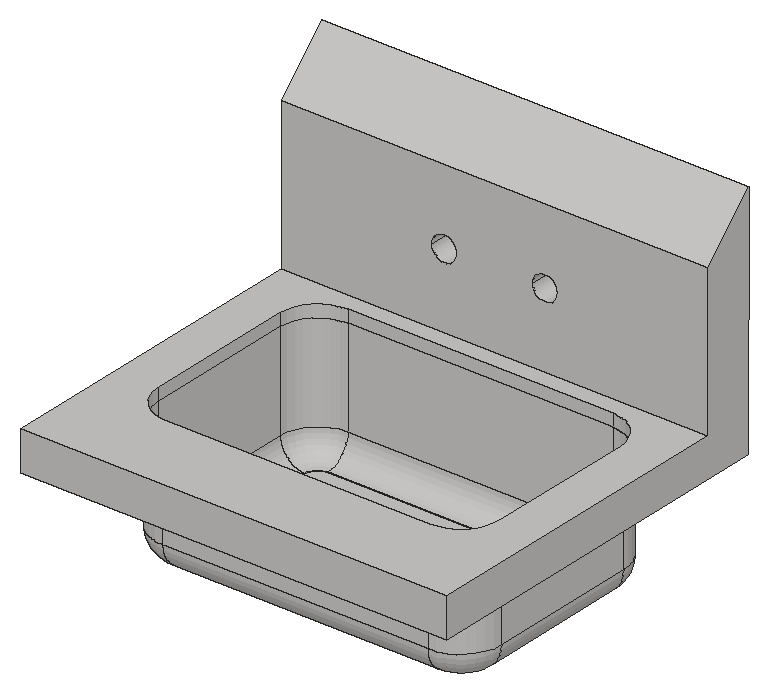
Revit family "QF_Vollrath_141-0C", category Specialty Equipment, Revit 2016
Family settings
  Part Type = Normal
  Round Connector Dimension = Use Diameter
  OmniClass Number = 23.40.40.14.31
  OmniClass Title = Cleaning and Disposal Equipment
  Work Plane-Based = Yes
  Always vertical = Yes
  Cut with Voids When Loaded = No
  Shared = No
  Room Calculation Point = No
Parameters
  Width = 1' - 5"
  Weight in Pounds = 0
  Watermarked By = "http://revitwatermark.com"
  URL Cutsheet = ""
  Status [instance] = ""
  Specification by User [instance] = ""
  Specification by Manufacturer [instance] = ""
  Sink Width = 1' - 1 9/16"
  Sink Depth = 0' - 9 1/16"
  Sink Basin Depth = 0' - 5 1/2"
  Serial Number [instance] = ""
  Seismic Rating [instance] = ""
  SMACNA No [instance] = ""
  Revision Code [instance] = ""
  Plumbing Remarks [instance] = ""
  Plumbing Connection Type [instance] = ""
  NAFEM Spec ID Number [instance] = ""
  Model = "141-0C"
  Masterspec [instance] = ""
  Manufacturer = "Vollrath"
  Item Number [instance] = "-"
  Installed By [instance] = ""
  Furnished By [instance] = ""
  Foodservice Equipment Identifier [instance] = yes
  Direct Waste Size = 2"
  Direct Waste RI Height [instance] = 0' - 0"
  Direct Waste Flow [instance] = 0.00 GPM
  Direct Waste Connection Height [instance] = 0' - 0"
  Description = "Wall-Mount Hand Sink"  # constant formula
  Depth = 1' - 3"
  Default Elevation = 4' - 0"
  CSI MasterFormat = ""
Reference planes (in)
  plane 1 "BACK": y = 0
  plane 2 "BOTTOM": z = 0
  plane 3 "LEFT": x = 0
  plane 4 "RIGHT": x = 17
  plane 5 "FRONT": y = -15
  plane 6: x = 8.5
  plane 7 "center": y = -7.25
  plane 8: y = -2
  plane 9: y = -2.71875
  plane 10: y = -11.78125
  plane 11: x = 1.71875
  plane 12: x = 15.28125
  plane 13 "TOP": z = 8
  plane 14 "Sink Bottom": z = -5.5
  plane 15 "Bottom of Skirt": z = -1.5625
  plane 16 "PIPE 1": z = -7.5
  plane 17 "CENTER 1": x = 6.5
  plane 18 "CENTER 2": x = 10.5
Forms (in)
  Extrusion 1, solid, material "QF_Finishes_Stainless Steel"
    sketch origin (0, 0, -5.5) x (0, 1, 0) y (0, 0, 1)
      loop
        line (0, 13.5) -> (-2, 11.5) -> (-2, 3.9375) -> (0, 3.9375) -> (0, 13.5)
    from 0 to 17
  Extrusion 2, solid, material "QF_Finishes_Stainless Steel"
    sketch origin (0, 0, 0) x (1, 0, 0) y (0, 1, 0)
      loop
        line (0, -2) -> (0, -15) -> (17, -15) -> (17, -2) -> (0, -2)
      loop
        arc (3.21875, -2.71875) -> (2.15809, -3.15809) -> (1.71875, -4.21875) r 1.5
        line (1.71875, -4.21875) -> (1.71875, -10.28125)
        arc (1.71875, -10.28125) -> (2.15809, -11.34191) -> (3.21875, -11.78125) r 1.5
        line (3.21875, -11.78125) -> (13.78125, -11.78125)
        arc (13.78125, -11.78125) -> (14.84191, -11.34191) -> (15.28125, -10.28125) r 1.5
        line (15.28125, -10.28125) -> (15.28125, -4.21875)
        arc (15.28125, -4.21875) -> (14.84191, -3.15809) -> (13.78125, -2.71875) r 1.5
        line (13.78125, -2.71875) -> (3.21875, -2.71875)
    from 0 to -0.5
  Extrusion 3, void
    sketch origin (0, 0, -5.5) x (1, 0, 0) y (0, 0, 1)
      loop
        circle (10.5, 8.5) r 0.5
      loop
        circle (6.5, 8.5) r 0.5
    from 0 to 2
  Sweep 4, solid, material "QF_Finishes_Stainless Steel"
    path origin (0, 0, 0) x (1, 0, 0) y (0, 1, 0)
      loop
        arc (3.21875, -2.71875) -> (2.15809, -3.15809) -> (1.71875, -4.21875) r 1.5
        line (1.71875, -4.21875) -> (1.71875, -10.28125)
        arc (1.71875, -10.28125) -> (2.15809, -11.34191) -> (3.21875, -11.78125) r 1.5
        line (3.21875, -11.78125) -> (13.78125, -11.78125)
        arc (13.78125, -11.78125) -> (14.84191, -11.34191) -> (15.28125, -10.28125) r 1.5
        line (15.28125, -10.28125) -> (15.28125, -4.21875)
        arc (15.28125, -4.21875) -> (14.84191, -3.15809) -> (13.78125, -2.71875) r 1.5
        line (13.78125, -2.71875) -> (3.21875, -2.71875)
    profile origin (8.5, -2.71875, 0) x (0, 1, 0) y (0, 0, 1)
      loop
        line (0, -0.5) -> (0, -4.375)
        arc (0, -4.375) -> (-0.29289, -5.08211) -> (-1, -5.375) r 1
        line (-1, -5.375) -> (-1, -5.5)
        arc (-1, -5.5) -> (-0.2045, -5.1705) -> (0.125, -4.375) r 1.125
        line (0.125, -4.375) -> (0.125, -0.5) -> (0, -0.5)
  Extrusion 5, solid, material "QF_Finishes_Stainless Steel"
    sketch origin (0, 0, -5.5) x (-1, 0, 0) y (0, -1, 0)
      loop
        line (-13.78125, 3.71875) -> (-3.21875, 3.71875)
        arc (-3.21875, 3.71875) -> (-2.8652, 3.8652) -> (-2.71875, 4.21875) r 0.5
        line (-2.71875, 4.21875) -> (-2.71875, 10.28125)
        arc (-2.71875, 10.28125) -> (-2.8652, 10.6348) -> (-3.21875, 10.78125) r 0.5
        line (-3.21875, 10.78125) -> (-13.78125, 10.78125)
        arc (-13.78125, 10.78125) -> (-14.1348, 10.6348) -> (-14.28125, 10.28125) r 0.5
        line (-14.28125, 10.28125) -> (-14.28125, 4.21875)
        arc (-14.28125, 4.21875) -> (-14.1348, 3.8652) -> (-13.78125, 3.71875) r 0.5
      loop
        circle (-8.5, 7.25) r 1
    from 0 to 0.125
  Extrusion 6, solid, material "QF_Finishes_Stainless Steel"
    sketch origin (0, 0, -1.5625) x (-1, 0, 0) y (0, -1, 0)
      loop
        line (0, 2) -> (0, 15) -> (-17, 15) -> (-17, 2) -> (-16.75, 2) -> (-16.75, 14.75) -> (-0.25, 14.75) -> (-0.25, 2) -> (0, 2)
    from 0 to 1.0625
Cuts and joins
  Extrusion 3 cuts Extrusion 1
  Extrusion 3 cuts Extrusion 2
  joined: Extrusion 1, Extrusion 2, Extrusion 6
Lines and regions (in)
  symbolic lines
    curve 1: line (0, 0, -1.5625) -> (17, 0, -1.5625)
    curve 2: line (0, -15, -1.5625) -> (0, 0, -1.5625)
    curve 3: line (17, -15, -1.5625) -> (0, -15, -1.5625)
    curve 4: line (17, 0, -1.5625) -> (17, -15, -1.5625)
  symbolic lines, style "QF_Surface Details"
    curve 5: circle (8.5, -7.25, -1.5625) r 1 normal (0, 0, -1)
    curve 6: line (0, -2, -1.5625) -> (17, -2, -1.5625)
    curve 7: line (13.78125, -2.71875, -1.5625) -> (3.21875, -2.71875, -1.5625)
    curve 8: arc (1.71875, -4.21875, -1.5625) -> (2.15809, -3.15809, -1.5625) -> (3.21875, -2.71875, -1.5625) r 1.5
    curve 9: line (1.71875, -4.21875, -1.5625) -> (1.71875, -10.28125, -1.5625)
    curve 10: arc (3.21875, -11.78125, -1.5625) -> (2.15809, -11.34191, -1.5625) -> (1.71875, -10.28125, -1.5625) r 1.5
    curve 11: line (3.21875, -11.78125, -1.5625) -> (13.78125, -11.78125, -1.5625)
    curve 12: arc (15.28125, -10.28125, -1.5625) -> (14.84191, -11.34191, -1.5625) -> (13.78125, -11.78125, -1.5625) r 1.5
    curve 13: line (15.28125, -10.28125, -1.5625) -> (15.28125, -4.21875, -1.5625)
    curve 14: arc (13.78125, -2.71875, -1.5625) -> (14.84191, -3.15809, -1.5625) -> (15.28125, -4.21875, -1.5625) r 1.5
Dimensions and locks (in)
  "Width": plane 3 "LEFT" to plane 4 "RIGHT"
  "Depth": plane 5 "FRONT" to plane 1 "BACK"
  locked: plane 8 to plane 1 "BACK" at 2
  equal spacing: plane 9, plane 7 "center", plane 10
  "Sink Depth": plane 9 to plane 10
  equal spacing: plane 3 "LEFT", plane 6, plane 4 "RIGHT"
  equal spacing: plane 11, plane 6, plane 12
  "Sink Width": plane 11 to plane 12
  locked: plane 13 "TOP" to level at 8
  "Sink Basin Depth": level to plane 14 "Sink Bottom"
  locked: Extrusion 1 sketch curve to plane 13 "TOP" at 2
  locked: Extrusion 3 sketch curve to level at 3  (x2)
  locked: Extrusion 3 sketch curve to plane 6 at 2
  locked: plane 6 to Extrusion 3 sketch curve at 2
  locked: level to plane 15 "Bottom of Skirt" at 1.5625
  locked: level to Sweep 4 sketch curve at 0.5
  locked: Sweep 4 sketch curve to plane 9 at 0.125
  locked: plane 14 "Sink Bottom" to Sweep 4 sketch curve at 0.125
  plane 11 to plane 12 = 1' - 1 9/16"
  plane 9 to plane 10 = 0' - 9 1/16"
  locked: plane 3 "LEFT" to Extrusion 6 sketch curve at 0.25
  locked: plane 5 "FRONT" to Extrusion 6 sketch curve at 0.25
  locked: Extrusion 6 sketch curve to plane 4 "RIGHT" at 0.25
  locked: plane 8 to plane 9 at 0.71875
  aligned and locked: level to plane 2 "BOTTOM"
  aligned and locked: plane 4 "RIGHT" to Extrusion 1
  aligned: plane 9 to cut or joined group of Extrusion 1, Extrusion 2, Extrusion 3, Extrusion 6
  aligned and locked: Extrusion 3 to plane 8
  aligned and locked: plane 1 "BACK" to Extrusion 1 sketch curve
  aligned and locked: plane 8 to Extrusion 1 sketch curve
  aligned and locked: plane 3 "LEFT" to Extrusion 2 sketch curve
  aligned and locked: Extrusion 2 sketch curve to plane 8
  aligned and locked: Extrusion 2 sketch curve to plane 4 "RIGHT"
  aligned and locked: Extrusion 2 sketch curve to plane 5 "FRONT"
  aligned and locked: Extrusion 2 sketch curve to plane 9
  aligned and locked: plane 11 to Extrusion 2 sketch curve
  aligned and locked: plane 10 to Extrusion 2 sketch curve
  aligned and locked: Extrusion 2 sketch curve to plane 12
  aligned and locked: Sweep 4 sketch curve to plane 9
  aligned and locked: plane 11 to Sweep 4 sketch curve
  aligned and locked: plane 10 to Sweep 4 sketch curve
  aligned and locked: Sweep 4 sketch curve to plane 12
  aligned and locked: plane 9 to Sweep 4 sketch curve
  aligned and locked: plane 14 "Sink Bottom" to Sweep 4 sketch curve
  aligned and locked: Extrusion 5 sketch curve to Sweep 4  (x4)
  aligned and locked: plane 8 to Extrusion 6 sketch curve  (x2)
  aligned and locked: plane 4 "RIGHT" to Extrusion 6 sketch curve
  aligned and locked: plane 5 "FRONT" to Extrusion 6 sketch curve
  aligned and locked: Extrusion 6 sketch curve to plane 3 "LEFT"
  aligned and locked: Extrusion 1 sketch curve to plane 15 "Bottom of Skirt"
Automatic sketch dimensions
  Extrusion 1 sketch curve to Extrusion 1 sketch curve = 0' - 2"
  plane 11 to Extrusion 2 sketch curve = 0' - 1 1/2"  (x2)
  plane 10 to Extrusion 2 sketch curve = 0' - 1 1/2"
  Extrusion 2 sketch curve to plane 12 = 0' - 1 1/2"
  plane 11 to Sweep 4 sketch curve = 0' - 1 1/2"  (x2)
  Sweep 4 sketch curve to plane 12 = 0' - 1 1/2"
  Sweep 4 sketch curve to plane 9 = 0' - 1 1/2"
  Sweep 4 sketch curve to Sweep 4 sketch curve = 0' - 1"
  Extrusion 5 sketch curve to plane 7 "center" = 0' - 0"
  Extrusion 5 sketch curve to Extrusion 5 sketch curve = 0' - 0 1/2"  (x4)
  Extrusion 5 sketch curve to plane 6 = 0' - 0"
  plane 1 "BACK" to curve 1 = 0' - 0"
  curve 1 to plane 4 "RIGHT" = 0' - 0"
  curve 5 to plane 6 = 0' - 0"
  curve 3 to plane 3 "LEFT" = 0' - 0"
  curve 6 to plane 8 = 0' - 0"
  curve 5 to plane 7 "center" = 0' - 0"
  plane 5 "FRONT" to curve 4 = 0' - 0"
  curve 7 to plane 9 = 0' - 0"
  curve 8 to plane 11 = 0' - 0"
  plane 11 to curve 8 = 0' - 1 1/2"
  plane 10 to curve 9 = 0' - 1 1/2"
  curve 10 to plane 10 = 0' - 0"
  curve 11 to plane 12 = 0' - 1 1/2"
  curve 12 to plane 12 = 0' - 0"
  curve 13 to plane 9 = 0' - 1 1/2"
  radius of Extrusion 3 sketch curve = 0' - 0 1/2"  (x2)
  radius of Extrusion 5 sketch curve = 0' - 1"
  radius of curve 5 = 0' - 1"
Connectors (in)
  piping at (8.5, -7.25, -5.375), diameter 2, driven by "Direct Waste Flow"
    settings: on Extrusion 5, index 1, connector inside diameter 2", connector length 0' - 0", flow factor 0, pipe flow 0.00 GPM, pressure drop 0.00 psi, fitting loss kfactor 0, connector angle 0.00°, fixture units 0, engagement length 0' - 0", angle of deflection 0.00°, flow configuration 1, flow direction 2, fitting loss method 0, system type 16, joint type 0, gender type 0, connector reference index -1, connector utility 0, adjustable connector no, is connector primary yes, connector description "DW"
